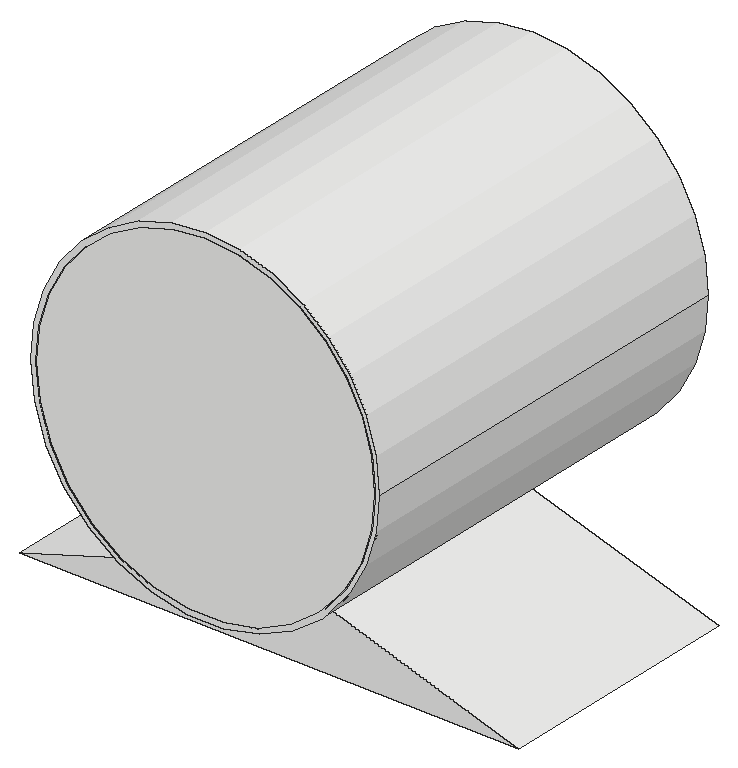
Revit family "Electronics_Commercial-Loudspeakers_Biamp_Bidirectional-Sound-Projector_EN-MPBD5T10-W", category Communication Devices, host Face, Revit 2020
Family settings
  Host = Face
  Maintain Annotation Orientation = No
  Round Connector Dimension = Use Diameter
  Part Type = Normal
  OmniClass Number = 23.85.10.11.14.14.14
  OmniClass Title = Loudspeakers
  Cut with Voids When Loaded = No
  Shared = No
  Room Calculation Point = No
Parameters (values of type "EN-MPBD5T10-W")
  Vertical dispersion angle 1000 Hz = "155°"  # constant formula
  Operating temperatures = "-25°C to 70°C"  # constant formula
  Max SPL 1m in dB = "104"  # constant formula
  Woofer size in inch = "2 x 5.25"  # constant formula
  Mounting system = "2 screws"  # constant formula
  Main construction material = "Aluminium"  # constant formula
  Connector Description = "Conductor; 10-6-3-1.5 W 100V"  # constant formula
  Closest RAL colour (subject to deviations) = "RAL9010"  # constant formula
  Certificate ref = "1438/CPR/0356"  # constant formula
  Woofer cone material = "Coated paper"  # constant formula
  SPL 1W/1m in dB = "94"  # constant formula
  Loudspeaker system = "Full range"  # constant formula
  Weight = 5.11472 lbf  # constant formula
  Version = 1
  URL = "https://www.biamp.com/"
  Product data url = "https://bimobject.com/biamp/product/en-mpbd5t10_commercial-loudspeakers-en54-24"
  Product Page URL = "https://www.biamp.com/products/product-families/commercial-loudspeakers/en54-24#en-mpbd5t10"
  Product Documentation Link = "https://downloads.biamp.com/assets/docs/default-source/discontinued/biamp_data_sheet_en-mpbd5t10-w_aug20.pdf"
  Model = "EN-MPBD5T10-W"  # constant formula
  Manufacturer = "Biamp"  # constant formula
  IP rating = "54"  # constant formula
  Housing Material = Biamp - Plastic - White
  Grill Material = Biamp - Plastic - White(Grid)
  Frequency response in Hz = "145 - 17.5 k"  # constant formula
  Diameter = 5.51181"  # constant formula
  Description = "EN-MPBD5T10-W EN54-24 Certified 2 x 5 Bidirectional Sound Projector"  # constant formula
  Depth = 6.45669"  # constant formula
  Default Elevation = 48"
  Date Updated = ""
  Date Created = "2023/08/21"
  Colour = "White"  # constant formula
  100V transformer power taps in watts = "10 - 6 - 3 - 1.5"  # constant formula
Reference planes (in)
  plane 1 "Center (Front/Back)": y = 0
  plane 2: z = 0
  plane 3 "Center (Left/Right)": x = 0
Forms (in)
  Extrusion 1, solid, material "Biamp - Plastic - White" <- "Housing Material"
    sketch origin (0, 0, 0) x (1, 0, 0) y (0, 0, 1)
      loop
        line (-3.93701, 0) -> (3.93701, 0) -> (0.62064, 1.01391)
        arc (0.62064, 1.01391) -> (0, 0.94259) -> (-0.62064, 1.01391) r 2.73614
        line (-0.62064, 1.01391) -> (-3.93701, 0)
    from -1.9685 to 1.9685
Lines and regions (in)
  Masking region 1
    outline origin (0, 0, 0) x (1, 0, 0) y (0, 1, 0)
      loop
        line (-3.93701, 1.9685) -> (-3.93701, -1.9685) -> (-2.75487, -1.9685) -> (-2.75487, 1.9685) -> (-3.93701, 1.9685)
      loop
        line (3.93701, 1.9685) -> (2.75487, 1.9685) -> (2.75487, -1.9685) -> (3.93701, -1.9685) -> (3.93701, 1.9685)
  Masking region 2
    outline origin (0, 0, 0) x (1, 0, 0) y (0, 0, 1)
      loop
        line (-0.62064, 1.01391) -> (-3.93701, 0) -> (3.93701, 0) -> (0.62064, 1.01391)
        arc (0.62064, 1.01391) -> (0, 0.94259) -> (-0.62064, 1.01391) r 2.73614
Dimensions and locks (in)
  aligned and locked: plane 2 to host face
  aligned and locked: level to host face
Nested families (in)
  nested 1: "MPBD5T10" at (0, 3.22835, 3.70261) x (1, 0, 0) z (0, -1, 0), Grill Material <- "Grill Material", Housing Material <- "Housing Material", type "MPBD5T10"
    with Housing Material Biamp - Plastic - White, Grill Material Biamp - Plastic - White(Grid)
Connectors (in)
  electrical at (0, 2.99979, 3.70261), driven by "Connector Description"
    settings: on nested 1, index 1, voltage 0 V, apparent load 0 VA, apparent load phase1 0 VA, apparent load phase2 0 VA, apparent load phase3 0 VA, power factor 1, load classification "Other", number of poles 1, system type 5, power factor state 1, is connector primary yes, connector utility no, sub classification motor no, connector description "Conductor; 10-6-3-1.5 W 100V"
Definition of nested family "MPBD5T10"
  Parameters (values of type "MPBD5T10")
    Housing Material [instance] = none
    Grill Material [instance] = none
    Default Elevation = 48"
  Reference planes (in)
    plane 1 "Center (Front/Back)": y = 0
    plane 2: z = 0
    plane 3 "Center (Left/Right)": x = 0
  Forms (in)
    Extrusion 1, solid, material <- "Housing Material", detail levels coarse
      sketch origin (0, 0, 0) x (1, 0, 0) y (0, 1, 0)
        loop
          circle (0, 0) r 2.75591
      from 0 to 6.45669
    Extrusion 2, solid, material <- "Housing Material", detail levels medium+fine
      sketch origin (0, 0, 0) x (1, 0, 0) y (0, 1, 0)
        loop
          circle (0, 0) r 2.75591
      from 0 to 6.45669
    Extrusion 3, void
      sketch origin (0, 0, 6.45669) x (1, 0, 0) y (0, 1, 0)
        loop
          circle (0, 0) r 2.67717
      from -0.29399 to 0
    Extrusion 4, solid, material <- "Grill Material", detail levels medium+fine
      sketch origin (0, 0, 6.16271) x (1, 0, 0) y (0, 1, 0)
        loop
          circle (0, 0) r 2.67717
      from 0 to 0.29399
    Extrusion 5, void
      sketch origin (0, 0, 0) x (0, 1, 0) y (1, 0, 0)
        loop
          circle (0, 0) r 0.3937
      from -0.22856 to 0
  Cuts and joins
    Extrusion 3, Extrusion 5 cuts Extrusion 2
    Extrusion 5 cuts Extrusion 1
  Lines and regions (in)
    Masking region 1
      outline origin (0, 0, 0) x (1, 0, 0) y (0, 1, 0)
        loop
          circle (0, 0) r 2.75591
        loop
          circle (0, 0) r 2.67717
    Masking region 2
      outline origin (0, 0, 0) x (1, 0, 0) y (0, 1, 0)
        loop
          circle (0, 0) r 2.67717
    Masking region 3
      outline origin (0, 0, 0) x (1, 0, 0) y (0, 0, 1)
        loop
          line (-2.75591, 6.45669) -> (-2.75591, 0) -> (2.75591, 0) -> (2.75591, 6.45669) -> (-2.75591, 6.45669)
  Dimensions and locks (in)
    aligned and locked: level to plane 2
